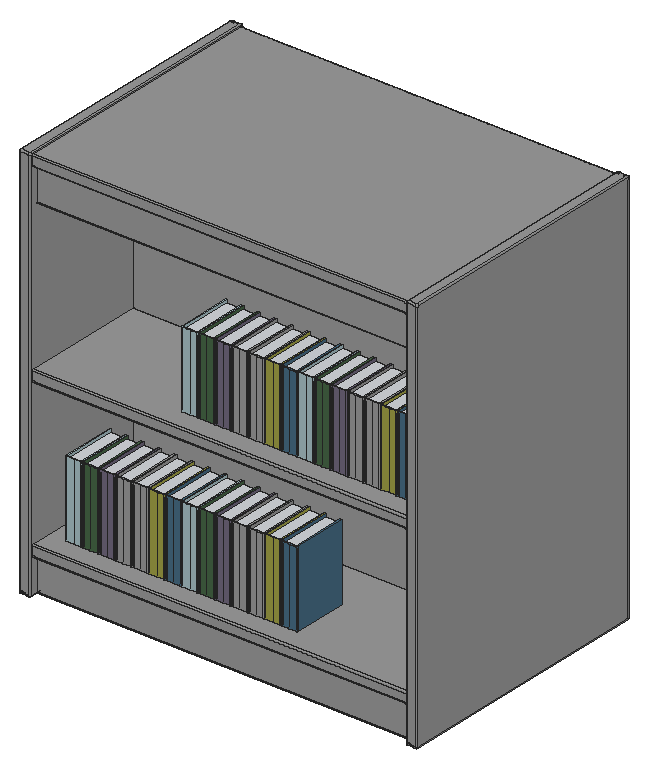
Revit family "Array 36x24x36", category Generic Models, Revit 2018
Family settings
  Can host rebar = No
  Round Connector Dimension = Use Diameter
  Part Type = Normal
  Work Plane-Based = No
  Always vertical = Yes
  Cut with Voids When Loaded = No
  Shared = No
  Room Calculation Point = No
Parameters
  Surface = Array Glider 36x24x36
Reference planes (in)
  plane 1 "Center (Front/Back)": y = 0
  plane 2: z = 0
  plane 3 "Center (Left/Right)": x = 0
Forms (in)
  Extrusion 1, solid, material "Array Glider 36x24x36" <- "Surface"
    sketch origin (0, 0, -6) x (0, 1, 0) y (0, 0, 1)
      loop
        line (11.875, 41.23662) -> (11.875, 42.00062)
        arc (11.875, 42.00062) -> (11.84044, 42.08405) -> (11.757, 42.11862) r 0.118
        line (11.757, 42.11862) -> (-11.757, 42.11862)
        arc (-11.757, 42.11862) -> (-11.84044, 42.08405) -> (-11.875, 42.00062) r 0.118
        line (-11.875, 42.00062) -> (-11.875, 41.23662)
        arc (-11.875, 41.23662) -> (-11.84044, 41.15318) -> (-11.757, 41.11862) r 0.118
        line (-11.757, 41.11862) -> (11.757, 41.11862)
        arc (11.757, 41.11862) -> (11.84044, 41.15318) -> (11.875, 41.23662) r 0.118
    from -17 to 17
  Extrusion 2, solid, material "Array Glider 36x24x36" <- "Surface"
    sketch origin (0, 0, -37.625) x (0, 1, 0) y (0, 0, 1)
      loop
        line (11.875, 41.23662) -> (11.875, 42.00062)
        arc (11.875, 42.00062) -> (11.84044, 42.08405) -> (11.757, 42.11862) r 0.118
        line (11.757, 42.11862) -> (-11.757, 42.11862)
        arc (-11.757, 42.11862) -> (-11.84044, 42.08405) -> (-11.875, 42.00062) r 0.118
        line (-11.875, 42.00062) -> (-11.875, 41.23662)
        arc (-11.875, 41.23662) -> (-11.84044, 41.15318) -> (-11.757, 41.11862) r 0.118
        line (-11.757, 41.11862) -> (11.757, 41.11862)
        arc (11.757, 41.11862) -> (11.84044, 41.15318) -> (11.875, 41.23662) r 0.118
    from -17 to 17
  Sweep 3, solid, material "Array Glider 36x24x36" <- "Surface"
    path origin (0, 0, 0) x (0, 1, 0) y (0, 0, -1)
      loop
        line (-11.86124, -36.12562) -> (11.86124, -36.12562)
        arc (11.86124, -36.12562) -> (11.87592, -36.11954) -> (11.882, -36.10486) r 0.02076
        line (11.882, -36.10486) -> (11.882, -0.38237)
        arc (11.882, -0.38237) -> (11.87592, -0.36769) -> (11.86124, -0.36162) r 0.02076
        line (11.86124, -0.36162) -> (-11.86124, -0.36162)
        arc (-11.86124, -0.36162) -> (-11.87592, -0.36769) -> (-11.882, -0.38237) r 0.02076
        line (-11.882, -0.38237) -> (-11.882, -36.10486)
        arc (-11.882, -36.10486) -> (-11.87592, -36.11954) -> (-11.86124, -36.12562) r 0.02076
    profile origin (0, 0, 36.12562) x (0, 0, -1) y (-1, 0, 0)
      loop
        arc (0, -17) -> (-0.08344, -17.03456) -> (-0.118, -17.118) r 0.118
        line (-0.118, -17.118) -> (-0.118, -17.882)
        arc (-0.118, -17.882) -> (-0.08344, -17.96544) -> (0, -18) r 0.118
        line (0, -18) -> (0, -17)
  Extrusion 4, solid, material "Array Glider 36x24x36" <- "Surface"
    sketch origin (0, 0, -6) x (0, 1, 0) y (0, 0, 1)
      loop
        line (-11.25, 41.11862) -> (-11.25, 37.98662)
        arc (-11.25, 37.98662) -> (-11.21544, 37.90318) -> (-11.132, 37.86862) r 0.118
        line (-11.132, 37.86862) -> (-10.368, 37.86862)
        arc (-10.368, 37.86862) -> (-10.28456, 37.90318) -> (-10.25, 37.98662) r 0.118
        line (-10.25, 37.98662) -> (-10.25, 41.11862) -> (-11.25, 41.11862)
    from -17 to 17
  Extrusion 5, solid, material "Array Glider 36x24x36" <- "Surface"
    sketch origin (0, 0, -6) x (0, -1, 0) y (0, 0, -1)
      loop
        line (-11.25, -41.11862) -> (-10.25, -41.11862) -> (-10.25, -37.98662)
        arc (-10.25, -37.98662) -> (-10.28456, -37.90318) -> (-10.368, -37.86862) r 0.118
        line (-10.368, -37.86862) -> (-11.132, -37.86862)
        arc (-11.132, -37.86862) -> (-11.21544, -37.90318) -> (-11.25, -37.98662) r 0.118
        line (-11.25, -37.98662) -> (-11.25, -41.11862)
    from -17 to 17
  Extrusion 6, solid, material "Array Glider 36x24x36" <- "Surface"
    sketch origin (0, 0, -37.625) x (0, 1, 0) y (0, 0, 1)
      loop
        line (-11.25, 41.11862) -> (-11.25, 37.98662)
        arc (-11.25, 37.98662) -> (-11.21544, 37.90318) -> (-11.132, 37.86862) r 0.118
        line (-11.132, 37.86862) -> (-10.368, 37.86862)
        arc (-10.368, 37.86862) -> (-10.28456, 37.90318) -> (-10.25, 37.98662) r 0.118
        line (-10.25, 37.98662) -> (-10.25, 41.11862) -> (-11.25, 41.11862)
    from -17 to 17
  Extrusion 7, solid, material "Array Glider 36x24x36" <- "Surface"
    sketch origin (0, 0, -37.625) x (0, -1, 0) y (0, 0, -1)
      loop
        line (-11.25, -41.11862) -> (-10.25, -41.11862) -> (-10.25, -37.98662)
        arc (-10.25, -37.98662) -> (-10.28456, -37.90318) -> (-10.368, -37.86862) r 0.118
        line (-10.368, -37.86862) -> (-11.132, -37.86862)
        arc (-11.132, -37.86862) -> (-11.21544, -37.90318) -> (-11.25, -37.98662) r 0.118
        line (-11.25, -37.98662) -> (-11.25, -41.11862)
    from -17 to 17
  Extrusion 8, solid, material "Array Glider 36x24x36" <- "Surface"
    sketch origin (0, 0, 0) x (0, 1, 0) y (0, 0, 1)
      loop
        line (0.375, 4.49362) -> (0.375, 35.11862) -> (-0.375, 35.11862) -> (-0.375, 4.49362) -> (0.375, 4.49362)
    from -17 to 17
  Extrusion 9, solid, material "Array Glider 36x24x36" <- "Surface"
    sketch origin (0, 0, -23.4375) x (0, 1, 0) y (0, 0, 1)
      loop
        line (-0.375, 41.23662) -> (-0.375, 42.00062)
        arc (-0.375, 42.00062) -> (-0.40956, 42.08405) -> (-0.493, 42.11862) r 0.118
        line (-0.493, 42.11862) -> (-11.757, 42.11862)
        arc (-11.757, 42.11862) -> (-11.84044, 42.08405) -> (-11.875, 42.00062) r 0.118
        line (-11.875, 42.00062) -> (-11.875, 41.23662)
        arc (-11.875, 41.23662) -> (-11.84044, 41.15318) -> (-11.757, 41.11862) r 0.118
        line (-11.757, 41.11862) -> (-0.493, 41.11862)
        arc (-0.493, 41.11862) -> (-0.40956, 41.15318) -> (-0.375, 41.23662) r 0.118
    from -17 to 17
  Extrusion 10, solid, material "Array Glider 36x24x36" <- "Surface"
    sketch origin (0, 0, -23.4375) x (0, -1, 0) y (0, 0, -1)
      loop
        arc (-0.375, -41.23662) -> (-0.40956, -41.15318) -> (-0.493, -41.11862) r 0.118
        line (-0.493, -41.11862) -> (-11.757, -41.11862)
        arc (-11.757, -41.11862) -> (-11.84044, -41.15318) -> (-11.875, -41.23662) r 0.118
        line (-11.875, -41.23662) -> (-11.875, -42.00062)
        arc (-11.875, -42.00062) -> (-11.84044, -42.08405) -> (-11.757, -42.11862) r 0.118
        line (-11.757, -42.11862) -> (-0.493, -42.11862)
        arc (-0.493, -42.11862) -> (-0.40956, -42.08405) -> (-0.375, -42.00062) r 0.118
        line (-0.375, -42.00062) -> (-0.375, -41.23662)
    from -17 to 17
  Sweep 11, solid, material "Array Glider 36x24x36" <- "Surface"
    path origin (0, 0, 0) x (0, 1, 0) y (0, 0, 1)
      loop
        arc (-11.86124, 36.12562) -> (-11.87592, 36.11954) -> (-11.882, 36.10486) r 0.02076
        line (-11.882, 36.10486) -> (-11.882, 0.38237)
        arc (-11.882, 0.38237) -> (-11.87592, 0.36769) -> (-11.86124, 0.36162) r 0.02076
        line (-11.86124, 0.36162) -> (11.86124, 0.36162)
        arc (11.86124, 0.36162) -> (11.87592, 0.36769) -> (11.882, 0.38237) r 0.02076
        line (11.882, 0.38237) -> (11.882, 36.10486)
        arc (11.882, 36.10486) -> (11.87592, 36.11954) -> (11.86124, 36.12562) r 0.02076
        line (11.86124, 36.12562) -> (-11.86124, 36.12562)
    profile origin (0, 0, 36.12562) x (0, 0, 1) y (1, 0, 0)
      loop
        line (0, -17) -> (0, -18)
        arc (0, -18) -> (0.08344, -17.96544) -> (0.118, -17.882) r 0.118
        line (0.118, -17.882) -> (0.118, -17.118)
        arc (0.118, -17.118) -> (0.08344, -17.03456) -> (0, -17) r 0.118
  Revolve 12, solid, material "Array Gliders"
    sketch origin (0, -9.56264, 0) x (1, 0, 0) y (0, 0, 1)
      loop
        line (-15.31312, 0) -> (-14.97741, 0)
        arc (-14.97741, 0) -> (-14.96813, 0.01343) -> (-14.9733, 0.02891) r 0.01826
        line (-14.9733, 0.02891) -> (-15.1255, 0.18112) -> (-15.18869, 0.18112) -> (-15.18869, 1.17538) -> (-15.31312, 1.17538) -> (-15.31312, 0)
      axis (-15.31312, 0) -> (-15.31312, 1.17538)
    angle from 0 to 360
  Extrusion 13, solid, material "Array Gliders"
    sketch origin (0, 0, 0) x (1, 0, 0) y (0, 1, 0)
      loop
        line (-13.9375, -10.25) -> (-16, -8.1875) -> (-16, -10.25) -> (-13.9375, -10.25)
    from 0.24362 to 0.30612
  Extrusion 14, solid, material "Array Glider 36x24x36" <- "Surface"
    sketch origin (0, 0, 0) x (1, 0, 0) y (0, 0, 1)
      loop
        line (-17, 3.49362) -> (-17, 0.24362) -> (-16, 0.24362) -> (-16, 3.49362) -> (-17, 3.49362)
    from -10.25 to 10.25
  Extrusion 15, solid, material "Array Glider 36x24x36" <- "Surface"
    sketch origin (0, 0, 0) x (-1, 0, 0) y (0, 0, -1)
      loop
        line (-17, -3.49362) -> (-16, -3.49362) -> (-16, -0.24362) -> (-17, -0.24362) -> (-17, -3.49362)
    from -10.25 to 10.25
  Extrusion 16, solid, material "Array Glider 36x24x36" <- "Surface"
    sketch origin (0, 0, 31.625) x (-1, 0, 0) y (0, 0, -1)
      loop
        line (-17, -3.49362) -> (-16, -3.49362) -> (-16, -0.36162)
        arc (-16, -0.36162) -> (-16.03456, -0.27818) -> (-16.118, -0.24362) r 0.118
        line (-16.118, -0.24362) -> (-16.882, -0.24362)
        arc (-16.882, -0.24362) -> (-16.96544, -0.27818) -> (-17, -0.36162) r 0.118
        line (-17, -0.36162) -> (-17, -3.49362)
    from -10.25 to 10.25
  Extrusion 17, solid, material "Array Glider 36x24x36" <- "Surface"
    sketch origin (0, 0, 31.625) x (1, 0, 0) y (0, 0, 1)
      loop
        line (-17, 3.49362) -> (-17, 0.36162)
        arc (-17, 0.36162) -> (-16.96544, 0.27818) -> (-16.882, 0.24362) r 0.118
        line (-16.882, 0.24362) -> (-16.118, 0.24362)
        arc (-16.118, 0.24362) -> (-16.03456, 0.27818) -> (-16, 0.36162) r 0.118
        line (-16, 0.36162) -> (-16, 3.49362) -> (-17, 3.49362)
    from -10.25 to 10.25
  Revolve 18, solid, material "Array Gliders"
    sketch origin (0, 9.56264, 0) x (1, 0, 0) y (0, 0, -1)
      loop
        line (-15.31312, 0) -> (-15.31312, -1.17538) -> (-15.18869, -1.17538) -> (-15.18869, -0.18112) -> (-15.1255, -0.18112) -> (-14.9733, -0.02891)
        arc (-14.9733, -0.02891) -> (-14.96813, -0.01343) -> (-14.97741, 0) r 0.01826
        line (-14.97741, 0) -> (-15.31312, 0)
      axis (-15.31312, 0) -> (-15.31312, -1.17538)
    angle from 0 to 360
  Extrusion 19, solid, material "Array Gliders"
    sketch origin (0, 0, 0) x (1, 0, 0) y (0, 1, 0)
      loop
        line (-13.9375, 10.25) -> (-16, 10.25) -> (-16, 8.1875) -> (-13.9375, 10.25)
    from 0.24362 to 0.30612
  Revolve 20, solid, material "Array Gliders"
    sketch origin (0, -9.56264, 0) x (-1, 0, 0) y (0, 0, -1)
      loop
        line (-15.31312, 0) -> (-15.31312, -1.17538) -> (-15.18869, -1.17538) -> (-15.18869, -0.18112) -> (-15.1255, -0.18112) -> (-14.9733, -0.02891)
        arc (-14.9733, -0.02891) -> (-14.96813, -0.01343) -> (-14.97741, 0) r 0.01826
        line (-14.97741, 0) -> (-15.31312, 0)
      axis (-15.31312, 0) -> (-15.31312, -1.17538)
    angle from 0 to 360
  Extrusion 21, solid, material "Array Gliders"
    sketch origin (0, 0, 0) x (-1, 0, 0) y (0, -1, 0)
      loop
        line (-13.9375, 10.25) -> (-16, 10.25) -> (-16, 8.1875) -> (-13.9375, 10.25)
    from 0.24362 to 0.30612
  Revolve 22, solid, material "Array Gliders"
    sketch origin (0, 9.56264, 0) x (-1, 0, 0) y (0, 0, 1)
      loop
        line (-15.31312, 0) -> (-14.97741, 0)
        arc (-14.97741, 0) -> (-14.96813, 0.01343) -> (-14.9733, 0.02891) r 0.01826
        line (-14.9733, 0.02891) -> (-15.1255, 0.18112) -> (-15.18869, 0.18112) -> (-15.18869, 1.17538) -> (-15.31312, 1.17538) -> (-15.31312, 0)
      axis (-15.31312, 0) -> (-15.31312, 1.17538)
    angle from 0 to 360
  Extrusion 23, solid, material "Array Gliders"
    sketch origin (0, 0, 0) x (-1, 0, 0) y (0, -1, 0)
      loop
        line (-13.9375, -10.25) -> (-16, -8.1875) -> (-16, -10.25) -> (-13.9375, -10.25)
    from 0.24362 to 0.30612
  Extrusion 24, solid, material "Array Glider 36x24x36" <- "Surface"
    sketch origin (0, 0, 0) x (0, 1, 0) y (0, 0, 1)
      loop
        line (11.86124, 36.12562) -> (-11.86124, 36.12562)
        arc (-11.86124, 36.12562) -> (-11.87592, 36.11954) -> (-11.882, 36.10486) r 0.02076
        line (-11.882, 36.10486) -> (-11.882, 0.38237)
        arc (-11.882, 0.38237) -> (-11.87592, 0.36769) -> (-11.86124, 0.36162) r 0.02076
        line (-11.86124, 0.36162) -> (11.86124, 0.36162)
        arc (11.86124, 0.36162) -> (11.87592, 0.36769) -> (11.882, 0.38237) r 0.02076
        line (11.882, 0.38237) -> (11.882, 36.10486)
        arc (11.882, 36.10486) -> (11.87592, 36.11954) -> (11.86124, 36.12562) r 0.02076
    from 17 to 18
  Extrusion 25, solid, material "Array Glider 36x24x36" <- "Surface"
    sketch origin (0, 0, 0) x (0, 1, 0) y (0, 0, -1)
      loop
        arc (11.86124, -36.12562) -> (11.87592, -36.11954) -> (11.882, -36.10486) r 0.02076
        line (11.882, -36.10486) -> (11.882, -0.38237)
        arc (11.882, -0.38237) -> (11.87592, -0.36769) -> (11.86124, -0.36162) r 0.02076
        line (11.86124, -0.36162) -> (-11.86124, -0.36162)
        arc (-11.86124, -0.36162) -> (-11.87592, -0.36769) -> (-11.882, -0.38237) r 0.02076
        line (-11.882, -0.38237) -> (-11.882, -36.10486)
        arc (-11.882, -36.10486) -> (-11.87592, -36.11954) -> (-11.86124, -36.12562) r 0.02076
        line (-11.86124, -36.12562) -> (11.86124, -36.12562)
    from 17 to 18
Dimensions and locks (in)
  aligned and locked: plane 2 to level
Nested families (in)
  nested 1: "Books" at (-14.75, -9.9375, 4.49362), type "Books"
  nested 2: "Books" at (-4.25, -9.9375, 4.49362), type "Books"
  nested 3: "Books" at (-4.25, -9.9375, 18.68112), type "Books"
  nested 4: "Books" at (6.25, -9.9375, 18.68112), type "Books"
  nested 5: "Books" at (-14.75, 9.9375, 4.49362), type "Books"
  nested 6: "Books" at (-4.25, 9.9375, 4.49362), type "Books"
  nested 7: "Books" at (-4.25, 9.9375, 18.68112), type "Books"
  nested 8: "Books" at (6.25, 9.9375, 18.68112), type "Books"
Definition of nested family "Books"
  Reference planes (in)
    plane 1 "Center (Front/Back)": y = 0
    plane 2: z = 0
    plane 3 "Center (Left/Right)": x = 0
    plane 4: z = 0.125
    plane 5: z = 10.875
    plane 6: z = 8.875
    plane 7: y = 1
    plane 8: y = 6
    plane 9: y = 5
    plane 10: z = 6.875
  Forms (in)
    Extrusion 1, solid
      sketch origin (0, 0, 0) x (1, 0, 0) y (0, 1, 0)
        loop
          line (-0.75, 5) -> (-0.75, 0.16705)
          arc (-0.75, 0.16705) -> (-0.70136, 0.11841) -> (-0.75, 0.06977) r 0.04864
          arc (-0.75, 0.06977) -> (-0.71934, 0.01698) -> (-0.66069, 0) r 0.082
          line (-0.66069, 0) -> (0, 0) -> (0.66069, 0)
          arc (0.66069, 0) -> (0.71934, 0.01698) -> (0.75, 0.06977) r 0.082
          arc (0.75, 0.06977) -> (0.70136, 0.11841) -> (0.75, 0.16705) r 0.04864
          line (0.75, 0.16705) -> (0.75, 5) -> (0.6254, 5) -> (0.6254, 0.12848)
          arc (0.6254, 0.12848) -> (0.6041, 0.08281) -> (0.55544, 0.06977) r 0.05961
          line (0.55544, 0.06977) -> (0, 0.06977) -> (-0.55544, 0.06977)
          arc (-0.55544, 0.06977) -> (-0.6041, 0.08281) -> (-0.6254, 0.12848) r 0.05961
          line (-0.6254, 0.12848) -> (-0.6254, 5) -> (-0.75, 5)
      from 0 to 6.875
    Extrusion 2, solid
      sketch origin (-4.75, -180, 0.125) x (-1, 0, 0) y (0, -1, 0)
        loop
          line (-4.1246, -184.88306) -> (-4.1246, -180.13971) -> (-5.3754, -180.13971) -> (-5.3754, -184.88306) -> (-4.1246, -184.88306)
      from 0 to 6.57025
    Extrusion 3, solid
      sketch origin (1.5, 0, 0) x (1, 0, 0) y (0, 1, 0)
        loop
          line (-0.75, 5) -> (-0.75, 0.16705)
          arc (-0.75, 0.16705) -> (-0.70136, 0.11841) -> (-0.75, 0.06977) r 0.04864
          arc (-0.75, 0.06977) -> (-0.71934, 0.01698) -> (-0.66069, 0) r 0.082
          line (-0.66069, 0) -> (0, 0) -> (0.66069, 0)
          arc (0.66069, 0) -> (0.71934, 0.01698) -> (0.75, 0.06977) r 0.082
          arc (0.75, 0.06977) -> (0.70136, 0.11841) -> (0.75, 0.16705) r 0.04864
          line (0.75, 0.16705) -> (0.75, 5) -> (0.6254, 5) -> (0.6254, 0.12848)
          arc (0.6254, 0.12848) -> (0.6041, 0.08281) -> (0.55544, 0.06977) r 0.05961
          line (0.55544, 0.06977) -> (0, 0.06977) -> (-0.55544, 0.06977)
          arc (-0.55544, 0.06977) -> (-0.6041, 0.08281) -> (-0.6254, 0.12848) r 0.05961
          line (-0.6254, 0.12848) -> (-0.6254, 5) -> (-0.75, 5)
      from 0 to 6.875
    Extrusion 4, solid
      sketch origin (-3.25, -180, 0.125) x (-1, 0, 0) y (0, -1, 0)
        loop
          line (-4.1246, -184.88306) -> (-4.1246, -180.13971) -> (-5.3754, -180.13971) -> (-5.3754, -184.88306) -> (-4.1246, -184.88306)
      from 0 to 6.57025
    Extrusion 5, solid
      sketch origin (3, 0, 0) x (1, 0, 0) y (0, 1, 0)
        loop
          line (-0.75, 5) -> (-0.75, 0.16705)
          arc (-0.75, 0.16705) -> (-0.70136, 0.11841) -> (-0.75, 0.06977) r 0.04864
          arc (-0.75, 0.06977) -> (-0.71934, 0.01698) -> (-0.66069, 0) r 0.082
          line (-0.66069, 0) -> (0, 0) -> (0.66069, 0)
          arc (0.66069, 0) -> (0.71934, 0.01698) -> (0.75, 0.06977) r 0.082
          arc (0.75, 0.06977) -> (0.70136, 0.11841) -> (0.75, 0.16705) r 0.04864
          line (0.75, 0.16705) -> (0.75, 5) -> (0.6254, 5) -> (0.6254, 0.12848)
          arc (0.6254, 0.12848) -> (0.6041, 0.08281) -> (0.55544, 0.06977) r 0.05961
          line (0.55544, 0.06977) -> (0, 0.06977) -> (-0.55544, 0.06977)
          arc (-0.55544, 0.06977) -> (-0.6041, 0.08281) -> (-0.6254, 0.12848) r 0.05961
          line (-0.6254, 0.12848) -> (-0.6254, 5) -> (-0.75, 5)
      from 0 to 6.875
    Extrusion 6, solid
      sketch origin (-1.75, -180, 0.125) x (-1, 0, 0) y (0, -1, 0)
        loop
          line (-4.1246, -184.88306) -> (-4.1246, -180.13971) -> (-5.3754, -180.13971) -> (-5.3754, -184.88306) -> (-4.1246, -184.88306)
      from 0 to 6.57025
    Extrusion 7, solid
      sketch origin (4.5, 0, 0) x (1, 0, 0) y (0, 1, 0)
        loop
          line (-0.75, 5) -> (-0.75, 0.16705)
          arc (-0.75, 0.16705) -> (-0.70136, 0.11841) -> (-0.75, 0.06977) r 0.04864
          arc (-0.75, 0.06977) -> (-0.71934, 0.01698) -> (-0.66069, 0) r 0.082
          line (-0.66069, 0) -> (0, 0) -> (0.66069, 0)
          arc (0.66069, 0) -> (0.71934, 0.01698) -> (0.75, 0.06977) r 0.082
          arc (0.75, 0.06977) -> (0.70136, 0.11841) -> (0.75, 0.16705) r 0.04864
          line (0.75, 0.16705) -> (0.75, 5) -> (0.6254, 5) -> (0.6254, 0.12848)
          arc (0.6254, 0.12848) -> (0.6041, 0.08281) -> (0.55544, 0.06977) r 0.05961
          line (0.55544, 0.06977) -> (0, 0.06977) -> (-0.55544, 0.06977)
          arc (-0.55544, 0.06977) -> (-0.6041, 0.08281) -> (-0.6254, 0.12848) r 0.05961
          line (-0.6254, 0.12848) -> (-0.6254, 5) -> (-0.75, 5)
      from 0 to 6.875
    Extrusion 8, solid
      sketch origin (-0.25, -180, 0.125) x (-1, 0, 0) y (0, -1, 0)
        loop
          line (-4.1246, -184.88306) -> (-4.1246, -180.13971) -> (-5.3754, -180.13971) -> (-5.3754, -184.88306) -> (-4.1246, -184.88306)
      from 0 to 6.57025
    Extrusion 9, solid
      sketch origin (6, 0, 0) x (1, 0, 0) y (0, 1, 0)
        loop
          line (-0.75, 5) -> (-0.75, 0.16705)
          arc (-0.75, 0.16705) -> (-0.70136, 0.11841) -> (-0.75, 0.06977) r 0.04864
          arc (-0.75, 0.06977) -> (-0.71934, 0.01698) -> (-0.66069, 0) r 0.082
          line (-0.66069, 0) -> (0, 0) -> (0.66069, 0)
          arc (0.66069, 0) -> (0.71934, 0.01698) -> (0.75, 0.06977) r 0.082
          arc (0.75, 0.06977) -> (0.70136, 0.11841) -> (0.75, 0.16705) r 0.04864
          line (0.75, 0.16705) -> (0.75, 5) -> (0.6254, 5) -> (0.6254, 0.12848)
          arc (0.6254, 0.12848) -> (0.6041, 0.08281) -> (0.55544, 0.06977) r 0.05961
          line (0.55544, 0.06977) -> (0, 0.06977) -> (-0.55544, 0.06977)
          arc (-0.55544, 0.06977) -> (-0.6041, 0.08281) -> (-0.6254, 0.12848) r 0.05961
          line (-0.6254, 0.12848) -> (-0.6254, 5) -> (-0.75, 5)
      from 0 to 6.875
    Extrusion 10, solid
      sketch origin (1.25, -180, 0.125) x (-1, 0, 0) y (0, -1, 0)
        loop
          line (-4.1246, -184.88306) -> (-4.1246, -180.13971) -> (-5.3754, -180.13971) -> (-5.3754, -184.88306) -> (-4.1246, -184.88306)
      from 0 to 6.57025
    Extrusion 11, solid
      sketch origin (7.5, 0, 0) x (1, 0, 0) y (0, 1, 0)
        loop
          line (-0.75, 5) -> (-0.75, 0.16705)
          arc (-0.75, 0.16705) -> (-0.70136, 0.11841) -> (-0.75, 0.06977) r 0.04864
          arc (-0.75, 0.06977) -> (-0.71934, 0.01698) -> (-0.66069, 0) r 0.082
          line (-0.66069, 0) -> (0, 0) -> (0.66069, 0)
          arc (0.66069, 0) -> (0.71934, 0.01698) -> (0.75, 0.06977) r 0.082
          arc (0.75, 0.06977) -> (0.70136, 0.11841) -> (0.75, 0.16705) r 0.04864
          line (0.75, 0.16705) -> (0.75, 5) -> (0.6254, 5) -> (0.6254, 0.12848)
          arc (0.6254, 0.12848) -> (0.6041, 0.08281) -> (0.55544, 0.06977) r 0.05961
          line (0.55544, 0.06977) -> (0, 0.06977) -> (-0.55544, 0.06977)
          arc (-0.55544, 0.06977) -> (-0.6041, 0.08281) -> (-0.6254, 0.12848) r 0.05961
          line (-0.6254, 0.12848) -> (-0.6254, 5) -> (-0.75, 5)
      from 0 to 6.875
    Extrusion 12, solid
      sketch origin (2.75, -180, 0.125) x (-1, 0, 0) y (0, -1, 0)
        loop
          line (-4.1246, -184.88306) -> (-4.1246, -180.13971) -> (-5.3754, -180.13971) -> (-5.3754, -184.88306) -> (-4.1246, -184.88306)
      from 0 to 6.57025
    Extrusion 13, solid
      sketch origin (9, 0, 0) x (1, 0, 0) y (0, 1, 0)
        loop
          line (-0.75, 5) -> (-0.75, 0.16705)
          arc (-0.75, 0.16705) -> (-0.70136, 0.11841) -> (-0.75, 0.06977) r 0.04864
          arc (-0.75, 0.06977) -> (-0.71934, 0.01698) -> (-0.66069, 0) r 0.082
          line (-0.66069, 0) -> (0, 0) -> (0.66069, 0)
          arc (0.66069, 0) -> (0.71934, 0.01698) -> (0.75, 0.06977) r 0.082
          arc (0.75, 0.06977) -> (0.70136, 0.11841) -> (0.75, 0.16705) r 0.04864
          line (0.75, 0.16705) -> (0.75, 5) -> (0.6254, 5) -> (0.6254, 0.12848)
          arc (0.6254, 0.12848) -> (0.6041, 0.08281) -> (0.55544, 0.06977) r 0.05961
          line (0.55544, 0.06977) -> (0, 0.06977) -> (-0.55544, 0.06977)
          arc (-0.55544, 0.06977) -> (-0.6041, 0.08281) -> (-0.6254, 0.12848) r 0.05961
          line (-0.6254, 0.12848) -> (-0.6254, 5) -> (-0.75, 5)
      from 0 to 6.875
    Extrusion 14, solid
      sketch origin (4.25, -180, 0.125) x (-1, 0, 0) y (0, -1, 0)
        loop
          line (-4.1246, -184.88306) -> (-4.1246, -180.13971) -> (-5.3754, -180.13971) -> (-5.3754, -184.88306) -> (-4.1246, -184.88306)
      from 0 to 6.57025
  Lines and regions (in)
    model lines
      curve 1: line (-0.3754, 4.88306, 6.69525) -> (-0.3754, 0.13971, 6.69525)
      curve 2: line (-0.1254, 4.88306, 6.69525) -> (-0.1254, 0.13971, 6.69525)
      curve 3: line (0.1246, 4.88306, 6.69525) -> (0.1246, 0.13971, 6.69525)
      curve 4: line (0.3746, 4.88306, 6.69525) -> (0.3746, 0.13971, 6.69525)
      curve 5: line (1.1246, 4.88306, 6.69525) -> (1.1246, 0.13971, 6.69525)
      curve 6: line (1.3746, 4.88306, 6.69525) -> (1.3746, 0.13971, 6.69525)
      curve 7: line (1.6246, 4.88306, 6.69525) -> (1.6246, 0.13971, 6.69525)
      curve 8: line (1.8746, 4.88306, 6.69525) -> (1.8746, 0.13971, 6.69525)
      curve 9: line (2.6246, 4.88306, 6.69525) -> (2.6246, 0.13971, 6.69525)
      curve 10: line (2.8746, 4.88306, 6.69525) -> (2.8746, 0.13971, 6.69525)
      curve 11: line (3.1246, 4.88306, 6.69525) -> (3.1246, 0.13971, 6.69525)
      curve 12: line (3.3746, 4.88306, 6.69525) -> (3.3746, 0.13971, 6.69525)
      curve 13: line (4.1246, 4.88306, 6.69525) -> (4.1246, 0.13971, 6.69525)
      curve 14: line (4.3746, 4.88306, 6.69525) -> (4.3746, 0.13971, 6.69525)
      curve 15: line (4.6246, 4.88306, 6.69525) -> (4.6246, 0.13971, 6.69525)
      curve 16: line (4.8746, 4.88306, 6.69525) -> (4.8746, 0.13971, 6.69525)
      curve 17: line (5.6246, 4.88306, 6.69525) -> (5.6246, 0.13971, 6.69525)
      curve 18: line (5.8746, 4.88306, 6.69525) -> (5.8746, 0.13971, 6.69525)
      curve 19: line (6.1246, 4.88306, 6.69525) -> (6.1246, 0.13971, 6.69525)
      curve 20: line (6.3746, 4.88306, 6.69525) -> (6.3746, 0.13971, 6.69525)
      curve 21: line (7.1246, 4.88306, 6.69525) -> (7.1246, 0.13971, 6.69525)
      curve 22: line (7.3746, 4.88306, 6.69525) -> (7.3746, 0.13971, 6.69525)
      curve 23: line (7.6246, 4.88306, 6.69525) -> (7.6246, 0.13971, 6.69525)
      curve 24: line (7.8746, 4.88306, 6.69525) -> (7.8746, 0.13971, 6.69525)
      curve 25: line (8.6246, 4.88306, 6.69525) -> (8.6246, 0.13971, 6.69525)
      curve 26: line (8.8746, 4.88306, 6.69525) -> (8.8746, 0.13971, 6.69525)
      curve 27: line (9.1246, 4.88306, 6.69525) -> (9.1246, 0.13971, 6.69525)
      curve 28: line (9.3746, 4.88306, 6.69525) -> (9.3746, 0.13971, 6.69525)
